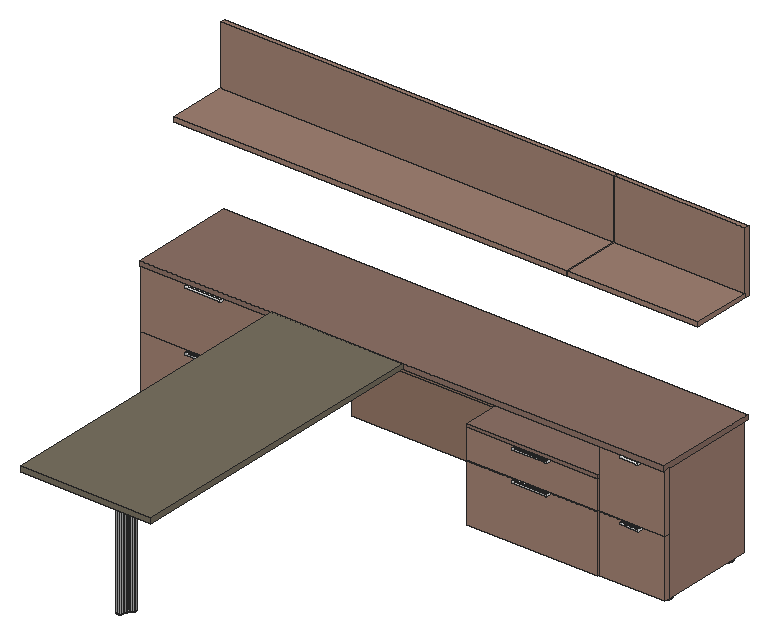
Revit family "T100092", category Furniture, Revit 2015 (continued)
Definition of nested family "OFS_APTOS_TRIFOIL_COLUMN"
  Automatic sketch dimensions
    Extrusion 2 sketch curve to Extrusion 2 sketch curve = 0' - 0.02096"
    Extrusion 2 sketch curve to Extrusion 2 sketch curve = 0' - 0.05928"
    Extrusion 2 sketch curve to Extrusion 2 sketch curve = 0' - 0.08579"
    Extrusion 2 sketch curve to Extrusion 2 sketch curve = 0' - 0.36888"
    Extrusion 2 sketch curve to Extrusion 2 sketch curve = 0' - 0.21635"
    Extrusion 2 sketch curve to Extrusion 2 sketch curve = 0' - 0.14349"
    Extrusion 2 sketch curve to Extrusion 2 sketch curve = 0' - 0.18029"
    Extrusion 2 sketch curve to Extrusion 2 sketch curve = 0' - 0.05616"
    Extrusion 2 sketch curve to Extrusion 2 sketch curve = 0' - 0.06688"
    Extrusion 2 sketch curve to Extrusion 2 sketch curve = 0' - 0.1741"
    Extrusion 2 sketch curve to Extrusion 2 sketch curve = 0' - 0.06166"
    Extrusion 2 sketch curve to Extrusion 2 sketch curve = 0' - 0.31154"
    Extrusion 2 sketch curve to Extrusion 2 sketch curve = 0' - 0 17/256"
    Extrusion 2 sketch curve to plane 3 "Center (Left/Right)" = 0' - 0.36475"  (x2)
    Extrusion 2 sketch curve to Extrusion 2 sketch curve = 0' - 0.03343"
    Extrusion 2 sketch curve to Extrusion 2 sketch curve = 0' - 0.00928"
    Extrusion 2 sketch curve to Extrusion 2 sketch curve = 0' - 0.02233"
    Extrusion 2 sketch curve to Extrusion 2 sketch curve = 0' - 0.01376"
    Extrusion 2 sketch curve to Extrusion 2 sketch curve = 0' - 0.00713"
    Extrusion 2 sketch curve to Extrusion 2 sketch curve = 0' - 0.0366"  (x2)
    Extrusion 2 sketch curve to Extrusion 2 sketch curve = 0' - 0.05"
    Extrusion 2 sketch curve to plane 3 "Center (Left/Right)" = 0' - 0.22217"
    plane 1 "Center (Front/Back)" to Extrusion 2 sketch curve = 0' - 0.09853"
    Extrusion 2 sketch curve to Extrusion 2 sketch curve = 0' - 0.02306"
    Extrusion 2 sketch curve to plane 1 "Center (Front/Back)" = 0' - 0.09854"
    Extrusion 2 sketch curve to Extrusion 2 sketch curve = 0' - 0.02307"
    Extrusion 2 sketch curve to Extrusion 2 sketch curve = 0' - 0.0644"  (x2)
    Extrusion 2 sketch curve to plane 3 "Center (Left/Right)" = 0' - 0.07378"
    Extrusion 2 sketch curve to plane 3 "Center (Left/Right)" = 0' - 0.06415"
    Extrusion 2 sketch curve to plane 3 "Center (Left/Right)" = 0' - 0.04346"  (x2)
    Extrusion 2 sketch curve to plane 3 "Center (Left/Right)" = 0' - 0.04236"
    Extrusion 2 sketch curve to plane 3 "Center (Left/Right)" = 0' - 0.04234"
    plane 3 "Center (Left/Right)" to Extrusion 2 sketch curve = 0' - 0.06468"
    plane 3 "Center (Left/Right)" to Extrusion 2 sketch curve = 0' - 0.06721"
    plane 3 "Center (Left/Right)" to Extrusion 2 sketch curve = 0' - 0.09425"
    plane 3 "Center (Left/Right)" to Extrusion 2 sketch curve = 0' - 0.13448"  (x2)
    Extrusion 2 sketch curve to Extrusion 2 sketch curve = 0' - 0.15282"
    plane 3 "Center (Left/Right)" to Extrusion 2 sketch curve = 0' - 0.24744"
    plane 3 "Center (Left/Right)" to Extrusion 2 sketch curve = 0' - 0.26233"  (x2)
    Extrusion 2 sketch curve to Extrusion 2 sketch curve = 0' - 0.22805"  (x2)
    Extrusion 2 sketch curve to Extrusion 2 sketch curve = 0' - 0.29035"  (x2)
    Extrusion 2 sketch curve to Extrusion 2 sketch curve = 0' - 0.30442"  (x2)
    Extrusion 2 sketch curve to Extrusion 2 sketch curve = 0' - 0.37781"  (x2)
    Extrusion 2 sketch curve to plane 1 "Center (Front/Back)" = 0' - 0.65772"
    Extrusion 2 sketch curve to Extrusion 2 sketch curve = 0' - 0.34823"  (x2)
    plane 1 "Center (Front/Back)" to Extrusion 2 sketch curve = 0' - 0.65772"
    Extrusion 2 sketch curve to plane 1 "Center (Front/Back)" = 0' - 0.36831"
    Extrusion 2 sketch curve to Extrusion 2 sketch curve = 0' - 0.24406"  (x2)
    plane 1 "Center (Front/Back)" to Extrusion 2 sketch curve = 0' - 0.36831"
    Extrusion 2 sketch curve to Extrusion 2 sketch curve = 0' - 0.08761"
    Extrusion 2 sketch curve to Extrusion 2 sketch curve = 0' - 0.10502"
    Extrusion 2 sketch curve to Extrusion 2 sketch curve = 0' - 0.02751"
    Extrusion 2 sketch curve to plane 1 "Center (Front/Back)" = 0' - 0.24313"
    Extrusion 2 sketch curve to Extrusion 2 sketch curve = 0' - 0.00134"  (x2)
    plane 1 "Center (Front/Back)" to Extrusion 2 sketch curve = 0' - 0.24313"
    Extrusion 2 sketch curve to Extrusion 2 sketch curve = 0' - 0 5/256"
    Extrusion 2 sketch curve to Extrusion 2 sketch curve = 0' - 0.04052"
    Extrusion 2 sketch curve to Extrusion 2 sketch curve = 0' - 0"
    Extrusion 2 sketch curve to Extrusion 2 sketch curve = 0' - 0.00425"  (x2)
    Extrusion 2 sketch curve to Extrusion 2 sketch curve = 0' - 0.02122"
    Extrusion 2 sketch curve to Extrusion 2 sketch curve = 0' - 0.01688"
    Extrusion 2 sketch curve to Extrusion 2 sketch curve = 0' - 0.00365"
    Extrusion 2 sketch curve to Extrusion 2 sketch curve = 0' - 0.05096"
    Extrusion 2 sketch curve to Extrusion 2 sketch curve = 0' - 0.13719"  (x2)
    Extrusion 2 sketch curve to Extrusion 2 sketch curve = 0' - 0.22731"  (x2)
    Extrusion 2 sketch curve to Extrusion 2 sketch curve = 0' - 0.29358"  (x2)
    Extrusion 2 sketch curve to Extrusion 2 sketch curve = 0' - 0.35104"  (x2)
    Extrusion 2 sketch curve to Extrusion 2 sketch curve = 0' - 0.38201"  (x2)
    Extrusion 2 sketch curve to Extrusion 2 sketch curve = 0' - 0.2777"  (x2)
    Extrusion 2 sketch curve to Extrusion 2 sketch curve = 0' - 0.22107"  (x2)
    Extrusion 2 sketch curve to Extrusion 2 sketch curve = 0' - 0.20361"  (x2)
    Extrusion 2 sketch curve to Extrusion 2 sketch curve = 0' - 0.14853"
    Extrusion 2 sketch curve to Extrusion 2 sketch curve = 0' - 0.02416"  (x2)
    Extrusion 2 sketch curve to Extrusion 2 sketch curve = 0' - 0.09569"  (x2)
    Extrusion 2 sketch curve to Extrusion 2 sketch curve = 0' - 0.17294"  (x2)
    Extrusion 2 sketch curve to Extrusion 2 sketch curve = 0' - 0.46301"
    Extrusion 2 sketch curve to Extrusion 2 sketch curve = 0' - 0.00719"
    Extrusion 2 sketch curve to Extrusion 2 sketch curve = 0' - 0.30642"
    Extrusion 2 sketch curve to Extrusion 2 sketch curve = 0' - 0.17307"
    Extrusion 2 sketch curve to Extrusion 2 sketch curve = 0' - 0.11942"
    Extrusion 2 sketch curve to Extrusion 2 sketch curve = 0' - 0.06065"
    Extrusion 2 sketch curve to Extrusion 2 sketch curve = 0' - 0.04137"
    Extrusion 2 sketch curve to Extrusion 2 sketch curve = 0' - 0.07806"
    Extrusion 2 sketch curve to Extrusion 2 sketch curve = 0' - 0.03986"
    Extrusion 2 sketch curve to Extrusion 2 sketch curve = 0' - 0.04136"
    Extrusion 2 sketch curve to Extrusion 2 sketch curve = 0' - 0.09336"
    Extrusion 2 sketch curve to Extrusion 2 sketch curve = 0' - 0.05429"
    Extrusion 2 sketch curve to Extrusion 2 sketch curve = 0' - 0.05591"
    Extrusion 2 sketch curve to Extrusion 2 sketch curve = 0' - 0.03624"
    Extrusion 2 sketch curve to Extrusion 2 sketch curve = 0' - 0.15161"
    Extrusion 2 sketch curve to Extrusion 2 sketch curve = 0' - 0.02658"
    Extrusion 2 sketch curve to Extrusion 2 sketch curve = 0' - 0.0192"
    Extrusion 2 sketch curve to Extrusion 2 sketch curve = 0' - 0.03142"
    Extrusion 2 sketch curve to Extrusion 2 sketch curve = 0' - 0.30856"
    Extrusion 2 sketch curve to Extrusion 2 sketch curve = 0' - 0.03788"
    Extrusion 2 sketch curve to Extrusion 2 sketch curve = 0' - 0.18935"
    Extrusion 2 sketch curve to Extrusion 2 sketch curve = 0' - 0.08055"
    Extrusion 2 sketch curve to Extrusion 2 sketch curve = 0' - 0.1103"
    Extrusion 2 sketch curve to Extrusion 2 sketch curve = 0' - 0.05135"
    Extrusion 2 sketch curve to Extrusion 2 sketch curve = 0' - 0.0538"
    Extrusion 2 sketch curve to Extrusion 2 sketch curve = 0' - 0.06616"
    Extrusion 2 sketch curve to Extrusion 2 sketch curve = 0' - 0.0134"
    Extrusion 2 sketch curve to Extrusion 2 sketch curve = 0' - 0.22895"
    Extrusion 2 sketch curve to Extrusion 2 sketch curve = 0' - 0.02813"
    Extrusion 2 sketch curve to Extrusion 2 sketch curve = 0' - 0.20462"
    Extrusion 2 sketch curve to Extrusion 2 sketch curve = 0' - 0.00003"
    Extrusion 2 sketch curve to Extrusion 2 sketch curve = 0' - 0.00415"
    Extrusion 2 sketch curve to Extrusion 2 sketch curve = 0' - 0.11445"
    plane 1 "Center (Front/Back)" to Extrusion 3 sketch curve = 0' - 0.00072"
    Extrusion 3 sketch curve to Extrusion 3 sketch curve = 0' - 0.52781"  (x2)
    Extrusion 3 sketch curve to plane 3 "Center (Left/Right)" = 0' - 0.67633"
    Extrusion 3 sketch curve to plane 3 "Center (Left/Right)" = 0' - 0.66451"
    plane 3 "Center (Left/Right)" to Extrusion 3 sketch curve = 0' - 0.04766"
    plane 3 "Center (Left/Right)" to Extrusion 3 sketch curve = 0' - 0.13448"
    Extrusion 3 sketch curve to Extrusion 3 sketch curve = 0' - 0"
    Extrusion 3 sketch curve to Extrusion 3 sketch curve = 0' - 0.73349"
    plane 3 "Center (Left/Right)" to Extrusion 3 sketch curve = 0' - 1.0498"
    Extrusion 3 sketch curve to Extrusion 3 sketch curve = 0' - 0.21718"
    Extrusion 3 sketch curve to Extrusion 3 sketch curve = 0' - 0.22425"
    Extrusion 3 sketch curve to plane 1 "Center (Front/Back)" = 0' - 0.01247"
    Extrusion 3 sketch curve to Extrusion 3 sketch curve = 0' - 0.24892"
    plane 1 "Center (Front/Back)" to Extrusion 3 sketch curve = 0' - 0 129/256"
    plane 1 "Center (Front/Back)" to Extrusion 3 sketch curve = 0' - 0.79417"
    Extrusion 3 sketch curve to Extrusion 3 sketch curve = 0' - 0.63565"
    Extrusion 3 sketch curve to Extrusion 3 sketch curve = 0' - 0.50166"
    Revolve 4 sketch curve to plane 3 "Center (Left/Right)" = 0' - 0"  (x2)
    Revolve 4 sketch curve to plane 8 = 0' - 0"
    Revolve 4 sketch curve to level = 0' - 0"
    level to Revolve 4 sketch curve = 0' - 0.07888"
    plane 3 "Center (Left/Right)" to Revolve 4 sketch curve = 0' - 0.09892"
    plane 3 "Center (Left/Right)" to Revolve 4 sketch curve = 0' - 0.12463"
    Revolve 4 sketch curve to Revolve 4 sketch curve = 0' - 0.16317"
    plane 8 to Revolve 4 sketch curve = 0' - 0.02159"
    Revolve 4 sketch curve to Revolve 4 sketch curve = 0' - 0.04629"
    Revolve 4 sketch curve to Revolve 4 sketch curve = 0' - 0.19711"
    level to Revolve 4 sketch curve = 0' - 0.21293"
    Revolve 4 sketch curve to Revolve 4 sketch curve = 0' - 0.02672"
    Revolve 4 sketch curve to Revolve 4 sketch curve = 0' - 0.01319"
    Revolve 4 sketch curve to Revolve 4 sketch curve = 0' - 0.0573"
    Revolve 4 sketch curve to plane 9 = 0' - 0.32679"
    Revolve 4 sketch curve to Revolve 4 sketch curve = 0' - 0.03064"
    Revolve 4 sketch curve to level = 0' - 0.35752"
    Revolve 4 sketch curve to Revolve 4 sketch curve = 0' - 0.11789"
Definition of nested family "APTOS WORKSURFACE HEIGHT MODULAR PEDESTAL FILE-FILE 15-18IN"
  Parameters (values of type "APTOS WORKSURFACE HEIGHT MODULAR PEDESTAL FILE-FILE 18W x 24D")
    Width = 1' - 6"
    URL = "http://ofsbrands.com"
    Shelf Height = 1' - 1 3/16"
    Handle Lengh = 0' - 4 1/8"
    Drawer Gap = 0' - 0 1/8"
    Door Handle Material = none
    Board Thick Top = 0' - 0 3/4"
    Board Thick Door = 0' - 1 1/8"
    Depth = 1' - 10 5/8"
    Board Material = none
    Model = "34-W1824MPD3"
    Manufacturer = "OFS"
    Leg Caps Material = none
    Leg Offset = 0' - 2"
    Height = 2' - 4 5/16"
    Description = "APTOS WORKSURFACE HEIGHT MODULAR PEDESTAL FILE-FILE 18\" Width, 24\" Depth, Two File Drawers"
    Copyright © = "© OFS BRANDS 2017"
    Catalog = "APTOS http://ofsbrands.com/products/casegoods/private-office/aptos"
    Bottom Board Offset = 0' - 1 1/2"
    Board Thick Bot = 0' - 1"
    Board Thick Shelfs = 0' - 1"
    Board Thick Sides = 0' - 0 3/4"
    Board Thick Front = 0' - 0 3/4"
    Board Thick Back = 0' - 0 3/4"
    Authoring Version = "Autodesk Revit Architecture 2013"
    Assembly Code = "E2020200"
  Types (3): name | Width | Model | Description
    (no name) | 1' - 6" | "34-W1824MPD3" | "APTOS WORKSURFACE HEIGHT MODULAR PEDESTAL FILE-FILE 18\" Width, 24\" Depth, Two File Drawers"
    APTOS WORKSURFACE HEIGHT MODULAR PEDESTAL FILE-FILE 15W x 24D | 1' - 3" | "34-W1524MPD3" | "APTOS WORKSURFACE HEIGHT MODULAR PEDESTAL FILE-FILE 15\" Width, 24\" Depth, Two File Drawers"
    APTOS WORKSURFACE HEIGHT MODULAR PEDESTAL FILE-FILE 18W x 24D | 1' - 6" | "34-W1824MPD3" | "APTOS WORKSURFACE HEIGHT MODULAR PEDESTAL FILE-FILE 18\" Width, 24\" Depth, Two File Drawers"
  Reference planes (in)
    plane 1 "Center Front/Back": y = 0
    plane 2: z = 0
    plane 3 "Center Left/Right": x = 0
    plane 4 "Left End": x = -9
    plane 5 "Front End": y = -21.5
    plane 6 "Right End": x = 9
    plane 7 "Back End": y = 0
    plane 8: x = -8.25
    plane 9: x = 8.25
    plane 10: z = 14.6875
    plane 11: z = 15.6875
    plane 12: z = 1.5
    plane 13: z = 2.5
    plane 14: y = -20.75
    plane 15: y = -2
    plane 16: y = -2
    plane 17: y = -19.5
    plane 18: y = -19.5
    plane 19: x = -7
    plane 20: x = 7
    plane 21: x = 7
    plane 22: x = -7
    plane 23: y = -22.625
    plane 24: z = 14.8125
    plane 25: x = -2.0625
    plane 26: x = 2.0625
    plane 27: y = -0.75
    plane 28: z = 28.3125
    plane 29: z = 27.5625
  Forms (in)
    Extrusion 1, solid, material <- "Board Material"
      sketch origin (0, 0, 0) x (1, 0, 0) y (0, 1, 0)
        loop
          line (-9, 0) -> (-9, -21.5) -> (-8.25, -21.5) -> (-8.25, 0) -> (-9, 0)
      from 1.5 to 28.3125
    Extrusion 2, solid, material <- "Board Material"
      sketch origin (0, 0, 0) x (-1, 0, 0) y (0, -1, 0)
        loop
          line (-9, 0) -> (-8.25, 0) -> (-8.25, 21.5) -> (-9, 21.5) -> (-9, 0)
      from 1.5 to 28.3125
    Extrusion 3, solid, material <- "Board Material"
      sketch origin (0, 0, 0) x (1, 0, 0) y (0, 1, 0)
        loop
          line (-8.25, 0) -> (-8.25, -21.5) -> (8.25, -21.5) -> (8.25, 0) -> (-8.25, 0)
      from 1.5 to 2.5
    Revolve 4, solid, material <- "Leg Caps Material"
      sketch origin (0, -2, 0) x (-1, 0, 0) y (0, 0, 1)
        loop
          line (6, 0.28743) -> (6.5, 0.28743)
          arc (6.5, 0.28743) -> (6.35629, 0.14371) -> (6.5, 0) r 0.14371
          line (6.5, 0) -> (7, 0) -> (7, 1.5) -> (6, 1.5) -> (6, 0.28743)
        axis (7, 1.5) -> (7, 0)
      angle from 0 to 360
    Revolve 5, solid, material <- "Leg Caps Material"
      sketch origin (0, -2, 0) x (1, 0, 0) y (0, 0, -1)
        loop
          line (6, -0.28743) -> (6, -1.5) -> (7, -1.5) -> (7, 0) -> (6.5, 0)
          arc (6.5, 0) -> (6.35629, -0.14371) -> (6.5, -0.28743) r 0.14371
          line (6.5, -0.28743) -> (6, -0.28743)
        axis (7, -1.5) -> (7, 0)
      angle from 0 to 360
    Revolve 6, solid, material <- "Leg Caps Material"
      sketch origin (0, -19.5, 0) x (-1, 0, 0) y (0, 0, -1)
        loop
          line (6, -0.28743) -> (6, -1.5) -> (7, -1.5) -> (7, 0) -> (6.5, 0)
          arc (6.5, 0) -> (6.35629, -0.14371) -> (6.5, -0.28743) r 0.14371
          line (6.5, -0.28743) -> (6, -0.28743)
        axis (7, -1.5) -> (7, 0)
      angle from 0 to 360
    Revolve 7, solid, material <- "Leg Caps Material"
      sketch origin (0, -19.5, 0) x (1, 0, 0) y (0, 0, 1)
        loop
          line (6, 0.28743) -> (6.5, 0.28743)
          arc (6.5, 0.28743) -> (6.35629, 0.14371) -> (6.5, 0) r 0.14371
          line (6.5, 0) -> (7, 0) -> (7, 1.5) -> (6, 1.5) -> (6, 0.28743)
        axis (7, 1.5) -> (7, 0)
      angle from 0 to 360
    Extrusion 8, solid, material <- "Board Material"
      sketch origin (0, 27.875, 0) x (1, 0, 0) y (0, 1, 0)
        loop
          line (-8.25, -27.875) -> (-8.25, -28.625) -> (8.25, -28.625) -> (8.25, -27.875) -> (-8.25, -27.875)
      from 20.312 to 24.312
    Extrusion 9, solid, material <- "Board Material"
      sketch origin (0, 0, 0) x (1, 0, 0) y (0, 1, 0)
        loop
          line (9, -21.5) -> (-9, -21.5) -> (-9, -22.625) -> (9, -22.625) -> (9, -21.5)
      from 1.5 to 14.6875
    Extrusion 10, solid, material <- "Board Material"
      sketch origin (0, 0, 0) x (1, 0, 0) y (0, 1, 0)
        loop
          line (9, -21.5) -> (-9, -21.5) -> (-9, -22.625) -> (9, -22.625) -> (9, -21.5)
      from 14.8125 to 28.3125
    Extrusion 11, solid, material <- "Door Handle Material"
      sketch origin (0, 7.01942, -2.70267) x (0, 1, 0) y (0, 0, 1)
        loop
          arc (-30.44863, 17.3872) -> (-30.63506, 17.20076) -> (-30.44863, 17.01433) r 0.18644
          arc (-30.44863, 17.01433) -> (-30.36853, 17.01913) -> (-30.28958, 17.03348) r 0.66994
          arc (-30.28958, 17.03348) -> (-30.06675, 17.06125) -> (-29.84329, 17.03915) r 1.01098
          arc (-29.84329, 17.03915) -> (-29.74439, 17.02301) -> (-29.64442, 17.01609) r 1.08212
          line (-29.64442, 17.01609) -> (-29.64442, 17.39017)
          arc (-29.64442, 17.39017) -> (-29.74475, 17.37561) -> (-29.84329, 17.35174) r 1.08374
          arc (-29.84329, 17.35174) -> (-30.06697, 17.32316) -> (-30.28958, 17.35914) r 0.78757
          arc (-30.28958, 17.35914) -> (-30.36779, 17.38063) -> (-30.44863, 17.3872) r 0.43385
      from -2.0625 to 2.0625
    Extrusion 12, solid, material <- "Board Material"
      sketch origin (0, 0.67064, 0) x (1, 0, 0) y (0, 1, 0)
        loop
          line (-8.25, -1.85814) -> (-8.25, -5.85814) -> (8.25, -5.85814) -> (8.25, -1.85814) -> (-8.25, -1.85814)
      from 28.3125 to 27.5625
    Extrusion 13, solid, material <- "Door Handle Material"
      sketch origin (0, 7.01942, 3.84921) x (0, 1, 0) y (0, 0, 1)
        loop
          arc (-30.44863, 24.46032) -> (-30.63506, 24.27389) -> (-30.44863, 24.08745) r 0.18644
          arc (-30.44863, 24.08745) -> (-30.36853, 24.09226) -> (-30.28958, 24.1066) r 0.66994
          arc (-30.28958, 24.1066) -> (-30.06675, 24.13437) -> (-29.84329, 24.11227) r 1.01098
          arc (-29.84329, 24.11227) -> (-29.74439, 24.09613) -> (-29.64442, 24.08921) r 1.08212
          line (-29.64442, 24.08921) -> (-29.64442, 24.46329)
          arc (-29.64442, 24.46329) -> (-29.74475, 24.44873) -> (-29.84329, 24.42486) r 1.08374
          arc (-29.84329, 24.42486) -> (-30.06697, 24.39628) -> (-30.28958, 24.43226) r 0.78757
          arc (-30.28958, 24.43226) -> (-30.36779, 24.45376) -> (-30.44863, 24.46032) r 0.43385
      from -2.0625 to 2.0625
    Extrusion 14, solid, material <- "Board Material"
      sketch origin (0, -19.875, 0) x (1, 0, 0) y (0, 1, 0)
        loop
          line (-8.25, 4.75) -> (-8.25, 0.7511) -> (8.25, 0.7511) -> (8.25, 4.75) -> (-8.25, 4.75)
      from 28.3125 to 27.5625
    Extrusion 15, solid, material <- "Board Material"
      sketch origin (0, 27.875, -13.875) x (1, 0, 0) y (0, 1, 0)
        loop
          line (-8.25, -27.875) -> (-8.25, -28.625) -> (8.25, -28.625) -> (8.25, -27.875) -> (-8.25, -27.875)
      from 20.312 to 24.312
  Dimensions and locks (in)
    equal spacing: plane 4 "Left End", plane 3 "Center Left/Right", plane 6 "Right End"
    "Width": plane 4 "Left End" to plane 6 "Right End"
    "Height": plane 28 to level
    "Board Thick Sides": plane 4 "Left End" to plane 8
    "Board Thick Sides": plane 9 to plane 6 "Right End"
    "Board Thick Shelfs": plane 11 to plane 10
    "Board Thick Bot": plane 13 to plane 12
    "Bottom Board Offset": plane 12 to level
    "Board Thick Front": plane 14 to plane 5 "Front End"
    "Leg Offset": plane 17 to plane 5 "Front End"
    "Leg Offset": plane 18 to plane 5 "Front End"
    "Leg Offset": plane 15 to plane 7 "Back End"
    "Leg Offset": plane 16 to plane 7 "Back End"
    "Leg Offset": plane 4 "Left End" to plane 19
    "Leg Offset": plane 20 to plane 6 "Right End"
    "Leg Offset": plane 21 to plane 6 "Right End"
    "Leg Offset": plane 4 "Left End" to plane 22
    "Board Thick Door": plane 23 to plane 5 "Front End"
    "Shelf Height": plane 11 to plane 13
    "Drawer Gap": plane 24 to plane 10
    "Handle Lengh": plane 25 to plane 26
    "Board Thick Back": plane 27 to plane 1 "Center Front/Back"
    "Depth": plane 23 to plane 1 "Center Front/Back"
    equal spacing: plane 25, plane 3 "Center Left/Right", plane 26
    "Board Thick Top": plane 28 to plane 29
    aligned and locked: level to plane 2
    aligned and locked: plane 5 "Front End" to Extrusion 1 sketch curve
    aligned and locked: plane 4 "Left End" to Extrusion 1 sketch curve
    aligned and locked: Extrusion 1 sketch curve to plane 8
    aligned and locked: Extrusion 2 to plane 5 "Front End"
    aligned and locked: plane 9 to Extrusion 2
    aligned and locked: Extrusion 2 to plane 6 "Right End"
    aligned and locked: Extrusion 2 to plane 12
    aligned and locked: plane 9 to Extrusion 3 sketch curve
    aligned and locked: Extrusion 3 sketch curve to plane 8
    aligned and locked: Revolve 4 to plane 16
    aligned and locked: plane 15 to Revolve 5
    aligned and locked: Revolve 7 to plane 18
    aligned and locked: plane 17 to Revolve 6
    aligned and locked: plane 13 to Extrusion 3
    aligned and locked: Extrusion 3 to plane 12
    aligned and locked: Extrusion 9 to plane 12
    aligned and locked: Extrusion 9 to plane 6 "Right End"
    aligned and locked: Extrusion 10 to plane 6 "Right End"
    aligned and locked: plane 10 to Extrusion 9
    aligned and locked: Extrusion 10 to plane 24
    aligned and locked: Extrusion 11 to plane 26
    aligned and locked: Extrusion 11 to plane 25
    aligned and locked: Extrusion 8 to plane 27
    aligned and locked: Extrusion 8 to plane 1 "Center Front/Back"
    aligned and locked: Extrusion 1 to plane 12
    aligned and locked: Extrusion 10 to plane 4 "Left End"
    aligned and locked: Extrusion 9 to plane 4 "Left End"
    aligned and locked: plane 28 to Extrusion 2
    aligned and locked: plane 28 to Extrusion 1
    aligned and locked: plane 28 to Extrusion 10
    aligned and locked: plane 25 to Extrusion 13
    aligned and locked: Extrusion 13 to plane 26
    aligned and locked: Extrusion 1 to plane 7 "Back End"
    aligned and locked: Extrusion 2 to plane 7 "Back End"
    aligned and locked: Extrusion 3 to plane 7 "Back End"
    aligned and locked: Extrusion 8 to plane 8
    aligned and locked: Extrusion 8 to plane 9
  Automatic sketch dimensions
    plane 1 "Center Front/Back" to Extrusion 1 sketch curve = 0' - 0"
    Extrusion 2 sketch curve to plane 5 "Front End" = 0' - 0"
    Extrusion 2 sketch curve to plane 6 "Right End" = 0' - 0"
    Extrusion 2 sketch curve to plane 9 = 0' - 0"
    plane 1 "Center Front/Back" to Extrusion 2 sketch curve = 0' - 0"
    Extrusion 3 sketch curve to plane 5 "Front End" = 0' - 0"
    plane 1 "Center Front/Back" to Extrusion 3 sketch curve = 0' - 0"
    Revolve 4 sketch curve to plane 12 = 0' - 0"
    Revolve 4 sketch curve to level = 0' - 0"
    plane 19 to Revolve 4 sketch curve = 0' - 0"  (x2)
    level to Revolve 4 sketch curve = 0' - 0.28743"
    Revolve 4 sketch curve to plane 19 = 0' - 0 1/2"
    Revolve 4 sketch curve to Revolve 4 sketch curve = 0' - 0 1/2"  (x2)
    Revolve 4 sketch curve to Revolve 4 sketch curve = 0' - 0"
    level to Revolve 4 sketch curve = 0' - 0.14371"
    Revolve 4 sketch curve to plane 13 = 0' - 0 1/4"
    Revolve 5 sketch curve to plane 12 = 0' - 0"
    Revolve 5 sketch curve to level = 0' - 0"
    Revolve 5 sketch curve to plane 20 = 0' - 0"  (x2)
    level to Revolve 5 sketch curve = 0' - 0.28743"
    Revolve 5 sketch curve to Revolve 5 sketch curve = 0' - 0 1/2"  (x3)
    Revolve 5 sketch curve to Revolve 5 sketch curve = 0' - 0"  (x2)
    Revolve 5 sketch curve to plane 13 = 0' - 0 1/4"
    Revolve 6 sketch curve to plane 12 = 0' - 0"
    Revolve 6 sketch curve to level = 0' - 0"
    plane 19 to Revolve 6 sketch curve = 0' - 0"  (x2)
    level to Revolve 6 sketch curve = 0' - 0.28743"
    Revolve 6 sketch curve to plane 19 = 0' - 0 1/2"
    Revolve 6 sketch curve to Revolve 6 sketch curve = 0' - 0 1/2"  (x2)
    Revolve 6 sketch curve to Revolve 6 sketch curve = 0' - 0"  (x2)
    Revolve 6 sketch curve to plane 13 = 0' - 0 1/4"
    Revolve 7 sketch curve to plane 12 = 0' - 0"
    Revolve 7 sketch curve to level = 0' - 0"
    Revolve 7 sketch curve to plane 20 = 0' - 0"  (x2)
    level to Revolve 7 sketch curve = 0' - 0.28743"
    Revolve 7 sketch curve to Revolve 7 sketch curve = 0' - 0 1/2"  (x3)
    Revolve 7 sketch curve to Revolve 7 sketch curve = 0' - 0"
    level to Revolve 7 sketch curve = 0' - 0.14371"
    Revolve 7 sketch curve to plane 13 = 0' - 0 1/4"
    Extrusion 8 sketch curve to plane 8 = 0' - 0"
    Extrusion 8 sketch curve to plane 9 = 0' - 0"
    Extrusion 8 sketch curve to plane 27 = 0' - 0"
    plane 1 "Center Front/Back" to Extrusion 8 sketch curve = 0' - 0"
    Extrusion 9 sketch curve to plane 4 "Left End" = 0' - 0"
    Extrusion 9 sketch curve to plane 6 "Right End" = 0' - 0"
    plane 23 to Extrusion 9 sketch curve = 0' - 0"
    Extrusion 9 sketch curve to plane 5 "Front End" = 0' - 0"
    Extrusion 10 sketch curve to plane 4 "Left End" = 0' - 0"
    Extrusion 10 sketch curve to plane 6 "Right End" = 0' - 0"
    plane 23 to Extrusion 10 sketch curve = 0' - 0"
    Extrusion 10 sketch curve to plane 5 "Front End" = 0' - 0"
    Extrusion 11 sketch curve to plane 10 = 0' - 0"
    Extrusion 11 sketch curve to plane 23 = 0' - 0"
    Extrusion 11 sketch curve to plane 10 = 0' - 0.37408"
    plane 23 to Extrusion 11 sketch curve = 0' - 0.80421"
    Extrusion 11 sketch curve to Extrusion 11 sketch curve = 0' - 0.00546"
    Extrusion 11 sketch curve to plane 10 = 0' - 0.03103"
    Extrusion 11 sketch curve to Extrusion 11 sketch curve = 0' - 0.15905"  (x2)
    plane 23 to Extrusion 11 sketch curve = 0' - 0.4095"  (x2)
    Extrusion 11 sketch curve to plane 11 = 0' - 0.27955"
    Extrusion 11 sketch curve to plane 10 = 0' - 0.03843"
    plane 23 to Extrusion 11 sketch curve = 0' - 0.19887"
    Extrusion 11 sketch curve to plane 23 = 0' - 0.02468"
    Extrusion 11 sketch curve to plane 23 = 0' - 0.10528"
    Extrusion 11 sketch curve to Extrusion 11 sketch curve = 0' - 0.2612"
    Extrusion 11 sketch curve to Extrusion 11 sketch curve = 0' - 0.40575"
    Extrusion 11 sketch curve to Extrusion 11 sketch curve = 0' - 0.06095"
    Extrusion 11 sketch curve to Extrusion 11 sketch curve = 0' - 0"
    Extrusion 11 sketch curve to Extrusion 11 sketch curve = 0' - 0.01915"
    Extrusion 12 sketch curve to plane 8 = 0' - 0"
    Extrusion 12 sketch curve to plane 9 = 0' - 0"
    Extrusion 12 sketch curve to plane 15 = 0' - 3 3/16"
    Extrusion 12 sketch curve to plane 27 = 0' - 0 7/16"
    Extrusion 13 sketch curve to plane 23 = 0' - 0"
    Extrusion 13 sketch curve to plane 28 = 0' - 0"
    plane 23 to Extrusion 13 sketch curve = 0' - 0.80421"
    Extrusion 13 sketch curve to Extrusion 13 sketch curve = 0' - 0.00546"
    Extrusion 13 sketch curve to plane 28 = 0' - 0.03103"
    Extrusion 13 sketch curve to Extrusion 13 sketch curve = 0' - 0.15905"  (x2)
    plane 23 to Extrusion 13 sketch curve = 0' - 0.4095"  (x2)
    Extrusion 13 sketch curve to plane 28 = 0' - 0.03843"
    Extrusion 13 sketch curve to Extrusion 13 sketch curve = 0' - 0.19887"
    plane 23 to Extrusion 13 sketch curve = 0' - 0.19887"
    Extrusion 13 sketch curve to plane 23 = 0' - 0.02468"
    Extrusion 13 sketch curve to plane 23 = 0' - 0.10528"
    Extrusion 13 sketch curve to Extrusion 13 sketch curve = 0' - 0.37408"
    Extrusion 13 sketch curve to Extrusion 13 sketch curve = 0' - 0.2612"
    plane 29 to Extrusion 13 sketch curve = 0' - 0.31322"
    Extrusion 13 sketch curve to Extrusion 13 sketch curve = 0' - 0.06095"
    Extrusion 13 sketch curve to Extrusion 13 sketch curve = 0' - 0"
    Extrusion 13 sketch curve to Extrusion 13 sketch curve = 0' - 0.01915"
    Extrusion 14 sketch curve to plane 8 = 0' - 0"
    Extrusion 14 sketch curve to plane 9 = 0' - 0"
    Extrusion 14 sketch curve to plane 17 = 0' - 0.3761"
    Extrusion 14 sketch curve to Extrusion 14 sketch curve = 0' - 3.9989"
    Extrusion 15 sketch curve to plane 8 = 0' - 0"
    Extrusion 15 sketch curve to plane 9 = 0' - 0"
    Extrusion 15 sketch curve to plane 27 = 0' - 0"
    plane 1 "Center Front/Back" to Extrusion 15 sketch curve = 0' - 0"
Definition of nested family "APTOS WORKSURFACE HEIGHT MODULAR PEDESTAL FILE-FILE 30-36IN"
  Parameters (values of type "APTOS WORKSURFACE HEIGHT MODULAR PEDESTAL FILE-FILE 36W x 24D")
    Width = 3' - 0"
    URL = "http://ofsbrands.com"
    Shelf Height = 1' - 1 3/16"
    Handle Lengh = 0' - 8 1/8"
    Drawer Gap = 0' - 0 1/8"
    Door Handle Material = none
    Board Thick Top = 0' - 0 3/4"
    Board Thick Door = 0' - 1 1/8"
    Depth = 1' - 10 5/8"
    Board Material = none
    Model = "34-W3624MPD3"
    Manufacturer = "OFS"
    Leg Caps Material = none
    Leg Offset = 0' - 2"
    Height = 2' - 4 5/16"
    Description = "APTOS WORKSURFACE HEIGHT MODULAR PEDESTAL FILE-FILE 36\" Width, 24\" Depth, Two Lateral File Drawers"
    Copyright © = "© OFS BRANDS 2017"
    Catalog = "APTOS http://ofsbrands.com/products/casegoods/private-office/aptos"
    Bottom Board Offset = 0' - 1 1/2"
    Board Thick Bot = 0' - 1"
    Board Thick Shelfs = 0' - 1"
    Board Thick Sides = 0' - 0 3/4"
    Board Thick Front = 0' - 0 3/4"
    Board Thick Back = 0' - 0 3/4"
    Authoring Version = "Autodesk Revit Architecture 2013"
    Assembly Code = "E2020200"
  Types (3): name | Width | Model | Description
    (no name) | 3' - 0" | "34-W3624MPD3" | "APTOS WORKSURFACE HEIGHT MODULAR PEDESTAL FILE-FILE 36\" Width, 24\" Depth, Two Lateral File Drawers"
    APTOS WORKSURFACE HEIGHT MODULAR PEDESTAL FILE-FILE 30W x 24D | 2' - 6" | "34-W3024MPD3" | "APTOS WORKSURFACE HEIGHT MODULAR PEDESTAL FILE-FILE 30\" Width, 24\" Depth, Two File Drawers"
    APTOS WORKSURFACE HEIGHT MODULAR PEDESTAL FILE-FILE 36W x 24D | 3' - 0" | "34-W3624MPD3" | "APTOS WORKSURFACE HEIGHT MODULAR PEDESTAL FILE-FILE 36\" Width, 24\" Depth, Two Lateral File Drawers"
  Reference planes (in)
    plane 1 "Center Front/Back": y = 0
    plane 2: z = 0
    plane 3 "Center Left/Right": x = 0
    plane 4 "Left End": x = -18
    plane 5 "Front End": y = -21.5
    plane 6 "Right End": x = 18
    plane 7 "Back End": y = 0
    plane 8: x = -17.25
    plane 9: x = 17.25
    plane 10: z = 14.6875
    plane 11: z = 15.6875
    plane 12: z = 1.5
    plane 13: z = 2.5
    plane 14: y = -20.75
    plane 15: y = -2
    plane 16: y = -2
    plane 17: y = -19.5
    plane 18: y = -19.5
    plane 19: x = -16
    plane 20: x = 16
    plane 21: x = 16
    plane 22: x = -16
    plane 23: y = -22.625
    plane 24: z = 14.8125
    plane 25: x = -4.0625
    plane 26: x = 4.0625
    plane 27: y = -0.75
    plane 28: z = 28.3125
    plane 29: z = 27.5625
  Forms (in)
    Extrusion 1, solid, material <- "Board Material"
      sketch origin (0, 0, 0) x (1, 0, 0) y (0, 1, 0)
        loop
          line (-18, 0) -> (-18, -21.5) -> (-17.25, -21.5) -> (-17.25, 0) -> (-18, 0)
      from 1.5 to 28.3125
    Extrusion 2, solid, material <- "Board Material"
      sketch origin (0, 0, 0) x (-1, 0, 0) y (0, -1, 0)
        loop
          line (-18, 0) -> (-17.25, 0) -> (-17.25, 21.5) -> (-18, 21.5) -> (-18, 0)
      from 1.5 to 28.3125
    Extrusion 3, solid, material <- "Board Material"
      sketch origin (0, 0, 0) x (1, 0, 0) y (0, 1, 0)
        loop
          line (-17.25, 0) -> (-17.25, -21.5) -> (17.25, -21.5) -> (17.25, 0) -> (-17.25, 0)
      from 1.5 to 2.5
    Revolve 4, solid, material <- "Leg Caps Material"
      sketch origin (0, -2, 0) x (-1, 0, 0) y (0, 0, 1)
        loop
          line (15, 0.28743) -> (15.5, 0.28743)
          arc (15.5, 0.28743) -> (15.35629, 0.14371) -> (15.5, 0) r 0.14371
          line (15.5, 0) -> (16, 0) -> (16, 1.5) -> (15, 1.5) -> (15, 0.28743)
        axis (16, 1.5) -> (16, 0)
      angle from 0 to 360
    Revolve 5, solid, material <- "Leg Caps Material"
      sketch origin (0, -2, 0) x (1, 0, 0) y (0, 0, -1)
        loop
          line (15, -0.28743) -> (15, -1.5) -> (16, -1.5) -> (16, 0) -> (15.5, 0)
          arc (15.5, 0) -> (15.35629, -0.14371) -> (15.5, -0.28743) r 0.14371
          line (15.5, -0.28743) -> (15, -0.28743)
        axis (16, -1.5) -> (16, 0)
      angle from 0 to 360
    Revolve 6, solid, material <- "Leg Caps Material"
      sketch origin (0, -19.5, 0) x (-1, 0, 0) y (0, 0, -1)
        loop
          line (15, -0.28743) -> (15, -1.5) -> (16, -1.5) -> (16, 0) -> (15.5, 0)
          arc (15.5, 0) -> (15.35629, -0.14371) -> (15.5, -0.28743) r 0.14371
          line (15.5, -0.28743) -> (15, -0.28743)
        axis (16, -1.5) -> (16, 0)
      angle from 0 to 360
    Revolve 7, solid, material <- "Leg Caps Material"
      sketch origin (0, -19.5, 0) x (1, 0, 0) y (0, 0, 1)
        loop
          line (15, 0.28743) -> (15.5, 0.28743)
          arc (15.5, 0.28743) -> (15.35629, 0.14371) -> (15.5, 0) r 0.14371
          line (15.5, 0) -> (16, 0) -> (16, 1.5) -> (15, 1.5) -> (15, 0.28743)
        axis (16, 1.5) -> (16, 0)
      angle from 0 to 360
    Extrusion 8, solid, material <- "Board Material"
      sketch origin (0, 27.875, 0) x (1, 0, 0) y (0, 1, 0)
        loop
          line (-17.25, -27.875) -> (-17.25, -28.625) -> (17.25, -28.625) -> (17.25, -27.875) -> (-17.25, -27.875)
      from 20.312 to 24.312
    Extrusion 9, solid, material <- "Board Material"
      sketch origin (0, 0, 0) x (1, 0, 0) y (0, 1, 0)
        loop
          line (18, -21.5) -> (-18, -21.5) -> (-18, -22.625) -> (18, -22.625) -> (18, -21.5)
      from 1.5 to 14.6875
    Extrusion 10, solid, material <- "Board Material"
      sketch origin (0, 0, 0) x (1, 0, 0) y (0, 1, 0)
        loop
          line (18, -21.5) -> (-18, -21.5) -> (-18, -22.625) -> (18, -22.625) -> (18, -21.5)
      from 14.8125 to 28.3125
    Extrusion 11, solid, material <- "Door Handle Material"
      sketch origin (0, 7.01942, -2.70267) x (0, 1, 0) y (0, 0, 1)
        loop
          arc (-30.44863, 17.3872) -> (-30.63506, 17.20076) -> (-30.44863, 17.01433) r 0.18644
          arc (-30.44863, 17.01433) -> (-30.36853, 17.01913) -> (-30.28958, 17.03348) r 0.66994
          arc (-30.28958, 17.03348) -> (-30.06675, 17.06125) -> (-29.84329, 17.03915) r 1.01098
          arc (-29.84329, 17.03915) -> (-29.74439, 17.02301) -> (-29.64442, 17.01609) r 1.08212
          line (-29.64442, 17.01609) -> (-29.64442, 17.39017)
          arc (-29.64442, 17.39017) -> (-29.74475, 17.37561) -> (-29.84329, 17.35174) r 1.08374
          arc (-29.84329, 17.35174) -> (-30.06697, 17.32316) -> (-30.28958, 17.35914) r 0.78757
          arc (-30.28958, 17.35914) -> (-30.36779, 17.38063) -> (-30.44863, 17.3872) r 0.43385
      from -4.0625 to 4.0625
    Extrusion 12, solid, material <- "Board Material"
      sketch origin (0, 0.67064, 0) x (1, 0, 0) y (0, 1, 0)
        loop
          line (-17.25, -1.85814) -> (-17.25, -5.85814) -> (17.25, -5.85814) -> (17.25, -1.85814) -> (-17.25, -1.85814)
      from 28.3125 to 27.5625
    Extrusion 13, solid, material <- "Door Handle Material"
      sketch origin (0, 7.01942, 3.84921) x (0, 1, 0) y (0, 0, 1)
        loop
          arc (-30.44863, 24.46032) -> (-30.63506, 24.27389) -> (-30.44863, 24.08745) r 0.18644
          arc (-30.44863, 24.08745) -> (-30.36853, 24.09226) -> (-30.28958, 24.1066) r 0.66994
          arc (-30.28958, 24.1066) -> (-30.06675, 24.13437) -> (-29.84329, 24.11227) r 1.01098
          arc (-29.84329, 24.11227) -> (-29.74439, 24.09613) -> (-29.64442, 24.08921) r 1.08212
          line (-29.64442, 24.08921) -> (-29.64442, 24.46329)
          arc (-29.64442, 24.46329) -> (-29.74475, 24.44873) -> (-29.84329, 24.42486) r 1.08374
          arc (-29.84329, 24.42486) -> (-30.06697, 24.39628) -> (-30.28958, 24.43226) r 0.78757
          arc (-30.28958, 24.43226) -> (-30.36779, 24.45376) -> (-30.44863, 24.46032) r 0.43385
      from -4.0625 to 4.0625
    Extrusion 14, solid, material <- "Board Material"
      sketch origin (0, -19.875, 0) x (1, 0, 0) y (0, 1, 0)
        loop
          line (-17.25, 4.75) -> (-17.25, 0.7511) -> (17.25, 0.7511) -> (17.25, 4.75) -> (-17.25, 4.75)
      from 28.3125 to 27.5625
    Extrusion 15, solid, material <- "Board Material"
      sketch origin (0, 27.875, -13.875) x (1, 0, 0) y (0, 1, 0)
        loop
          line (-17.25, -27.875) -> (-17.25, -28.625) -> (17.25, -28.625) -> (17.25, -27.875) -> (-17.25, -27.875)
      from 20.312 to 24.312
  Dimensions and locks (in)
    equal spacing: plane 4 "Left End", plane 3 "Center Left/Right", plane 6 "Right End"
    "Width": plane 4 "Left End" to plane 6 "Right End"
    "Height": plane 28 to level
    "Board Thick Sides": plane 4 "Left End" to plane 8
    "Board Thick Sides": plane 9 to plane 6 "Right End"
    "Board Thick Shelfs": plane 11 to plane 10
    "Board Thick Bot": plane 13 to plane 12
    "Bottom Board Offset": plane 12 to level
    "Board Thick Front": plane 14 to plane 5 "Front End"
    "Leg Offset": plane 17 to plane 5 "Front End"
    "Leg Offset": plane 18 to plane 5 "Front End"
    "Leg Offset": plane 15 to plane 7 "Back End"
    "Leg Offset": plane 16 to plane 7 "Back End"
    "Leg Offset": plane 4 "Left End" to plane 19
    "Leg Offset": plane 20 to plane 6 "Right End"
    "Leg Offset": plane 21 to plane 6 "Right End"
    "Leg Offset": plane 4 "Left End" to plane 22
    "Board Thick Door": plane 23 to plane 5 "Front End"
    "Shelf Height": plane 11 to plane 13
    "Drawer Gap": plane 24 to plane 10
    "Handle Lengh": plane 25 to plane 26
    "Board Thick Back": plane 27 to plane 1 "Center Front/Back"
    "Depth": plane 23 to plane 1 "Center Front/Back"
    equal spacing: plane 25, plane 3 "Center Left/Right", plane 26
    "Board Thick Top": plane 28 to plane 29
    aligned and locked: level to plane 2
    aligned and locked: plane 5 "Front End" to Extrusion 1 sketch curve
    aligned and locked: plane 4 "Left End" to Extrusion 1 sketch curve
    aligned and locked: Extrusion 1 sketch curve to plane 8
    aligned and locked: Extrusion 2 to plane 5 "Front End"
    aligned and locked: plane 9 to Extrusion 2
    aligned and locked: Extrusion 2 to plane 6 "Right End"
    aligned and locked: plane 12 to Extrusion 2
    aligned and locked: plane 9 to Extrusion 3 sketch curve
    aligned and locked: Extrusion 3 sketch curve to plane 8
    aligned and locked: plane 16 to Revolve 4
    aligned and locked: Revolve 5 to plane 15
    aligned and locked: plane 18 to Revolve 7
    aligned and locked: Revolve 6 to plane 17
    aligned and locked: Extrusion 3 to plane 13
    aligned and locked: Extrusion 3 to plane 12
    aligned and locked: Extrusion 9 to plane 12
    aligned and locked: Extrusion 9 to plane 6 "Right End"
    aligned and locked: Extrusion 10 to plane 6 "Right End"
    aligned and locked: Extrusion 9 to plane 10
    aligned and locked: Extrusion 10 to plane 24
    aligned and locked: Extrusion 11 to plane 26
    aligned and locked: Extrusion 11 to plane 25
    aligned and locked: Extrusion 8 to plane 27
    aligned and locked: Extrusion 8 to plane 1 "Center Front/Back"
    aligned and locked: Extrusion 1 to plane 12
    aligned and locked: Extrusion 10 to plane 4 "Left End"
    aligned and locked: Extrusion 9 to plane 4 "Left End"
    aligned and locked: plane 28 to Extrusion 2
    aligned and locked: plane 28 to Extrusion 1
    aligned and locked: plane 28 to Extrusion 10
    aligned and locked: plane 25 to Extrusion 13
    aligned and locked: Extrusion 13 to plane 26
    aligned and locked: Extrusion 1 to plane 7 "Back End"
    aligned and locked: Extrusion 2 to plane 7 "Back End"
    aligned and locked: Extrusion 3 to plane 7 "Back End"
    aligned and locked: Extrusion 8 to plane 8
    aligned and locked: Extrusion 8 to plane 9
  Automatic sketch dimensions
    plane 1 "Center Front/Back" to Extrusion 1 sketch curve = 0' - 0"
    Extrusion 2 sketch curve to plane 5 "Front End" = 0' - 0"
    Extrusion 2 sketch curve to plane 6 "Right End" = 0' - 0"
    Extrusion 2 sketch curve to plane 9 = 0' - 0"
    plane 1 "Center Front/Back" to Extrusion 2 sketch curve = 0' - 0"
    Extrusion 3 sketch curve to plane 5 "Front End" = 0' - 0"
    plane 1 "Center Front/Back" to Extrusion 3 sketch curve = 0' - 0"
    Revolve 4 sketch curve to plane 12 = 0' - 0"
    Revolve 4 sketch curve to level = 0' - 0"
    plane 19 to Revolve 4 sketch curve = 0' - 0"  (x2)
    level to Revolve 4 sketch curve = 0' - 0.28743"
    Revolve 4 sketch curve to plane 19 = 0' - 0 1/2"
    Revolve 4 sketch curve to Revolve 4 sketch curve = 0' - 0 1/2"  (x2)
    Revolve 4 sketch curve to Revolve 4 sketch curve = 0' - 0"
    level to Revolve 4 sketch curve = 0' - 0.14371"
    Revolve 4 sketch curve to plane 13 = 0' - 0 1/4"
    Revolve 5 sketch curve to plane 12 = 0' - 0"
    Revolve 5 sketch curve to level = 0' - 0"
    Revolve 5 sketch curve to plane 20 = 0' - 0"  (x2)
    level to Revolve 5 sketch curve = 0' - 0.28743"
    Revolve 5 sketch curve to Revolve 5 sketch curve = 0' - 0 1/2"  (x3)
    Revolve 5 sketch curve to Revolve 5 sketch curve = 0' - 0"  (x2)
    Revolve 5 sketch curve to plane 13 = 0' - 0 1/4"
    Revolve 6 sketch curve to plane 12 = 0' - 0"
    Revolve 6 sketch curve to level = 0' - 0"
    plane 19 to Revolve 6 sketch curve = 0' - 0"  (x2)
    level to Revolve 6 sketch curve = 0' - 0.28743"
    Revolve 6 sketch curve to plane 19 = 0' - 0 1/2"
    Revolve 6 sketch curve to Revolve 6 sketch curve = 0' - 0 1/2"  (x2)
    Revolve 6 sketch curve to Revolve 6 sketch curve = 0' - 0"  (x2)
    Revolve 6 sketch curve to plane 13 = 0' - 0 1/4"
    Revolve 7 sketch curve to plane 12 = 0' - 0"
    Revolve 7 sketch curve to level = 0' - 0"
    Revolve 7 sketch curve to plane 20 = 0' - 0"  (x2)
    level to Revolve 7 sketch curve = 0' - 0.28743"
    Revolve 7 sketch curve to Revolve 7 sketch curve = 0' - 0 1/2"  (x3)
    Revolve 7 sketch curve to Revolve 7 sketch curve = 0' - 0"
    level to Revolve 7 sketch curve = 0' - 0.14371"
    Revolve 7 sketch curve to plane 13 = 0' - 0 1/4"
    Extrusion 8 sketch curve to plane 8 = 0' - 0"
    Extrusion 8 sketch curve to plane 9 = 0' - 0"
    Extrusion 8 sketch curve to plane 27 = 0' - 0"
    plane 1 "Center Front/Back" to Extrusion 8 sketch curve = 0' - 0"
    Extrusion 9 sketch curve to plane 4 "Left End" = 0' - 0"
    Extrusion 9 sketch curve to plane 6 "Right End" = 0' - 0"
    plane 23 to Extrusion 9 sketch curve = 0' - 0"
    Extrusion 9 sketch curve to plane 5 "Front End" = 0' - 0"
    Extrusion 10 sketch curve to plane 4 "Left End" = 0' - 0"
    Extrusion 10 sketch curve to plane 6 "Right End" = 0' - 0"
    plane 23 to Extrusion 10 sketch curve = 0' - 0"
    Extrusion 10 sketch curve to plane 5 "Front End" = 0' - 0"
    Extrusion 11 sketch curve to plane 10 = 0' - 0"
    Extrusion 11 sketch curve to plane 23 = 0' - 0"
    Extrusion 11 sketch curve to plane 10 = 0' - 0.37408"
    plane 23 to Extrusion 11 sketch curve = 0' - 0.80421"
    Extrusion 11 sketch curve to Extrusion 11 sketch curve = 0' - 0.00546"
    Extrusion 11 sketch curve to plane 10 = 0' - 0.03103"
    Extrusion 11 sketch curve to Extrusion 11 sketch curve = 0' - 0.15905"  (x2)
    plane 23 to Extrusion 11 sketch curve = 0' - 0.4095"  (x2)
    Extrusion 11 sketch curve to plane 11 = 0' - 0.27955"
    Extrusion 11 sketch curve to plane 10 = 0' - 0.03843"
    plane 23 to Extrusion 11 sketch curve = 0' - 0.19887"
    Extrusion 11 sketch curve to plane 23 = 0' - 0.02468"
    Extrusion 11 sketch curve to plane 23 = 0' - 0.10528"
    Extrusion 11 sketch curve to Extrusion 11 sketch curve = 0' - 0.2612"
    Extrusion 11 sketch curve to Extrusion 11 sketch curve = 0' - 0.40575"
    Extrusion 11 sketch curve to Extrusion 11 sketch curve = 0' - 0.06095"
    Extrusion 11 sketch curve to Extrusion 11 sketch curve = 0' - 0"
    Extrusion 11 sketch curve to Extrusion 11 sketch curve = 0' - 0.01915"
    Extrusion 12 sketch curve to plane 8 = 0' - 0"
    Extrusion 12 sketch curve to plane 9 = 0' - 0"
    Extrusion 12 sketch curve to plane 15 = 0' - 3 3/16"
    Extrusion 12 sketch curve to plane 27 = 0' - 0 7/16"
    Extrusion 13 sketch curve to plane 23 = 0' - 0"
    Extrusion 13 sketch curve to plane 28 = 0' - 0"
    plane 23 to Extrusion 13 sketch curve = 0' - 0.80421"
    Extrusion 13 sketch curve to Extrusion 13 sketch curve = 0' - 0.00546"
    Extrusion 13 sketch curve to plane 28 = 0' - 0.03103"
    Extrusion 13 sketch curve to Extrusion 13 sketch curve = 0' - 0.15905"  (x2)
    plane 23 to Extrusion 13 sketch curve = 0' - 0.4095"  (x2)
    Extrusion 13 sketch curve to plane 28 = 0' - 0.03843"
    Extrusion 13 sketch curve to Extrusion 13 sketch curve = 0' - 0.19887"
    plane 23 to Extrusion 13 sketch curve = 0' - 0.19887"
    Extrusion 13 sketch curve to plane 23 = 0' - 0.02468"
    Extrusion 13 sketch curve to plane 23 = 0' - 0.10528"
    Extrusion 13 sketch curve to Extrusion 13 sketch curve = 0' - 0.37408"
    Extrusion 13 sketch curve to Extrusion 13 sketch curve = 0' - 0.2612"
    plane 29 to Extrusion 13 sketch curve = 0' - 0.31322"
    Extrusion 13 sketch curve to Extrusion 13 sketch curve = 0' - 0.06095"
    Extrusion 13 sketch curve to Extrusion 13 sketch curve = 0' - 0"
    Extrusion 13 sketch curve to Extrusion 13 sketch curve = 0' - 0.01915"
    Extrusion 14 sketch curve to plane 8 = 0' - 0"
    Extrusion 14 sketch curve to plane 9 = 0' - 0"
    Extrusion 14 sketch curve to plane 17 = 0' - 0.3761"
    Extrusion 14 sketch curve to Extrusion 14 sketch curve = 0' - 3.9989"
    Extrusion 15 sketch curve to plane 8 = 0' - 0"
    Extrusion 15 sketch curve to plane 9 = 0' - 0"
    Extrusion 15 sketch curve to plane 27 = 0' - 0"
    plane 1 "Center Front/Back" to Extrusion 15 sketch curve = 0' - 0"
Definition of nested family "APTOS WALLMOUNT OPEN SHELF ORGANIZER Cantilevered Fixed Shelf"
  Parameters (values of type "APTOS WALLMOUNT OPEN SHELF ORGANIZER Cantilevered Fixed Shelf 96"")
    Width = 8' - 0"
    Wall Board Thickness = 0' - 1"
    URL = "http://ofsbrands.com"
    Shelf Board Thickness = 0' - 1"
    Depth = 1' - 2 1/2"
    Bottom Board Offset [instance] = 4' - 5 3/4"
    Board Material = none
    Model = "34-9615WS"
    Manufacturer = "OFS"
    Height = 1' - 2 1/2"
    Description = "OFS BRANDS OFS APTOS WALLMOUNT OPEN SHELF ORGANIZER Cantilevered Fixed Shelf 96\""
    Copyright © = "© OFS BRANDS 2017"
    Catalog = "APTOS http://ofsbrands.com/products/casegoods/private-office/aptos"
    Authoring Version = "Autodesk Revit Architecture 2013"
    Assembly Code = "E2020200"
  Types (15): name | Width | Model | Description
    (no name) | 8' - 0" | "34-9615WS" | "OFS BRANDS OFS APTOS WALLMOUNT OPEN SHELF ORGANIZER Cantilevered Fixed Shelf 96\""
    APTOS WALLMOUNT OPEN SHELF ORGANIZER Cantilevered Fixed Shelf 30" | 2' - 6" | "34-3015WS" | "OFS BRANDS OFS APTOS WALLMOUNT OPEN SHELF ORGANIZER Cantilevered Fixed Shelf 30\""
    APTOS WALLMOUNT OPEN SHELF ORGANIZER Cantilevered Fixed Shelf 36" | 3' - 0" | "34-3615WS" | "OFS BRANDS OFS APTOS WALLMOUNT OPEN SHELF ORGANIZER Cantilevered Fixed Shelf 36\""
    APTOS WALLMOUNT OPEN SHELF ORGANIZER Cantilevered Fixed Shelf 42" | 3' - 6" | "34-4215WS" | "OFS BRANDS OFS APTOS WALLMOUNT OPEN SHELF ORGANIZER Cantilevered Fixed Shelf 42\""
    APTOS WALLMOUNT OPEN SHELF ORGANIZER Cantilevered Fixed Shelf 48" | 4' - 0" | "34-4815WS" | "OFS BRANDS OFS APTOS WALLMOUNT OPEN SHELF ORGANIZER Cantilevered Fixed Shelf 48\""
    APTOS WALLMOUNT OPEN SHELF ORGANIZER Cantilevered Fixed Shelf 54" | 4' - 6" | "34-5415WS" | "OFS BRANDS OFS APTOS WALLMOUNT OPEN SHELF ORGANIZER Cantilevered Fixed Shelf 54\""
    APTOS WALLMOUNT OPEN SHELF ORGANIZER Cantilevered Fixed Shelf 60" | 5' - 0" | "34-6015WS" | "OFS BRANDS OFS APTOS WALLMOUNT OPEN SHELF ORGANIZER Cantilevered Fixed Shelf 60\""
    APTOS WALLMOUNT OPEN SHELF ORGANIZER Cantilevered Fixed Shelf 66" | 5' - 6" | "34-6615WS" | "OFS BRANDS OFS APTOS WALLMOUNT OPEN SHELF ORGANIZER Cantilevered Fixed Shelf 66\""
    APTOS WALLMOUNT OPEN SHELF ORGANIZER Cantilevered Fixed Shelf 72" | 6' - 0" | "34-7215WS" | "OFS BRANDS OFS APTOS WALLMOUNT OPEN SHELF ORGANIZER Cantilevered Fixed Shelf 72\""
    APTOS WALLMOUNT OPEN SHELF ORGANIZER Cantilevered Fixed Shelf 78" | 6' - 6" | "34-7815WS" | "OFS BRANDS OFS APTOS WALLMOUNT OPEN SHELF ORGANIZER Cantilevered Fixed Shelf 78\""
    APTOS WALLMOUNT OPEN SHELF ORGANIZER Cantilevered Fixed Shelf 84" | 7' - 0" | "34-8415WS" | "OFS BRANDS OFS APTOS WALLMOUNT OPEN SHELF ORGANIZER Cantilevered Fixed Shelf 84\""
    APTOS WALLMOUNT OPEN SHELF ORGANIZER Cantilevered Fixed Shelf 90" | 7' - 6" | "34-9015WS" | "OFS BRANDS OFS APTOS WALLMOUNT OPEN SHELF ORGANIZER Cantilevered Fixed Shelf 90\""
    APTOS WALLMOUNT OPEN SHELF ORGANIZER Cantilevered Fixed Shelf 96" | 8' - 0" | "34-9615WS" | "OFS BRANDS OFS APTOS WALLMOUNT OPEN SHELF ORGANIZER Cantilevered Fixed Shelf 96\""
    APTOS WALLMOUNT OPEN SHELF ORGANIZER Cantilevered Fixed Shelf 102" | 8' - 6" | "34-10215WS" | "OFS BRANDS OFS APTOS WALLMOUNT OPEN SHELF ORGANIZER Cantilevered Fixed Shelf 102\""
    APTOS WALLMOUNT OPEN SHELF ORGANIZER Cantilevered Fixed Shelf 108" | 9' - 0" | "34-10815WS" | "OFS BRANDS OFS APTOS WALLMOUNT OPEN SHELF ORGANIZER Cantilevered Fixed Shelf 108\""
  Reference planes (in)
    plane 1 "Center Front/Back": y = 0
    plane 2: z = 0
    plane 3 "Center Left/Right": x = 0
    plane 4 "Left End": x = -48
    plane 5 "Front End": y = -14.5
    plane 6 "Right End": x = 48
    plane 7 "Height Top": z = 54.75
    plane 8: z = 53.75
    plane 9: y = -1
    plane 10: z = 68.25
  Forms (in)
    Extrusion 1, solid, material <- "Board Material"
      sketch origin (0, 0, 0) x (1, 0, 0) y (0, 1, 0)
        loop
          line (-48, -1) -> (-48, -14.5) -> (48, -14.5) -> (48, -1) -> (-48, -1)
      from 53.75 to 54.75
    Extrusion 2, solid, material <- "Board Material"
      sketch origin (0, 0, 0) x (1, 0, 0) y (0, 1, 0)
        loop
          line (-48, 0) -> (-48, -1) -> (48, -1) -> (48, 0) -> (-48, 0)
      from 53.75 to 68.25
  Dimensions and locks (in)
    "Shelf Board Thickness": plane 7 "Height Top" to plane 8
    "Bottom Board Offset": plane 8 to level
    "Depth": plane 5 "Front End" to plane 1 "Center Front/Back"
    equal spacing: plane 4 "Left End", plane 3 "Center Left/Right", plane 6 "Right End"
    "Width": plane 4 "Left End" to plane 6 "Right End"
    "Wall Board Thickness": plane 9 to plane 1 "Center Front/Back"
    "Height": plane 10 to plane 8
    aligned and locked: level to plane 2
    aligned and locked: plane 4 "Left End" to Extrusion 1 sketch curve
    aligned and locked: Extrusion 1 sketch curve to plane 5 "Front End"
    aligned and locked: plane 6 "Right End" to Extrusion 1 sketch curve
    aligned and locked: Extrusion 1 to plane 9
    aligned and locked: plane 4 "Left End" to Extrusion 2 sketch curve
    aligned and locked: plane 6 "Right End" to Extrusion 2 sketch curve
    aligned and locked: plane 1 "Center Front/Back" to Extrusion 2 sketch curve
    aligned and locked: Extrusion 2 sketch curve to plane 9
    aligned and locked: Extrusion 2 to plane 10
    aligned and locked: Extrusion 2 to plane 8
    aligned and locked: Extrusion 1 to plane 7 "Height Top"
    aligned and locked: Extrusion 1 to plane 8
  Automatic sketch dimensions
    plane 1 "Center Front/Back" to Extrusion 1 sketch curve = 0' - 1"
